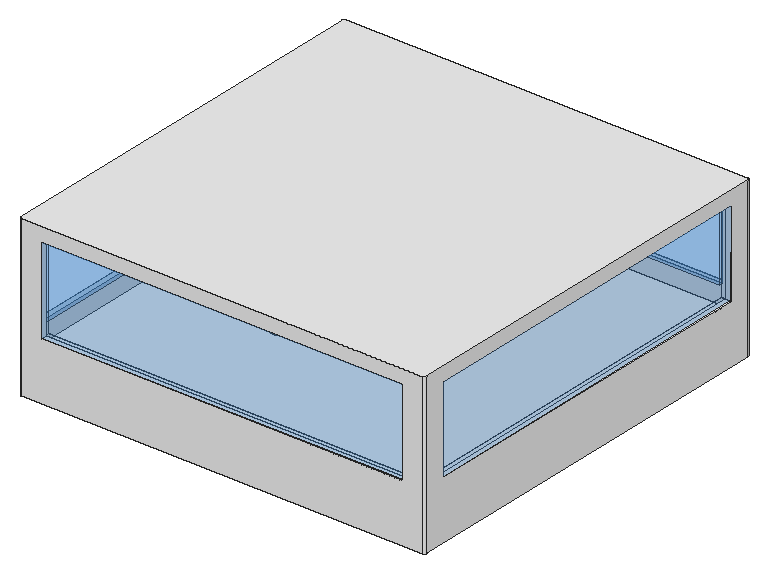
Revit family "24085_BEGA_Revit", category Generic Models, host Face, Revit 2018
Family settings
  Host = Face
  Can host rebar = No
  Round Connector Dimension = Use Diameter
  Part Type = Normal
  Cut with Voids When Loaded = No
  Shared = No
  Room Calculation Point = No
Parameters (values of type "Wall Luminaire")
  URL = "https://www.bega-us.com/"
  Model = "24085K3"
  Manufacturer = "BEGA North America"
  Description = "Wall luminaire - Four 90° ports"
  Default Elevation = 0' - 0"
Reference planes (in)
  plane 1 "Center (Front/Back)": y = 0
  plane 2: z = 0
  plane 3 "Center (Left/Right)": x = 0
Lines and regions (in)
  reference lines
    curve 1: line (0, 48, 0) -> (0, -48, 0)
    curve 2: line (48, 0, 0) -> (-48, 0, 0)
Dimensions and locks (in)
  aligned and locked: plane 2 to host face
  aligned and locked: level to host face
Nested families (in)
  nested 1: "24085_base" at (0, 0, 0), type "BEGA_24085_white_K4"
    with Serial_number "Here you can enter the individual serial number for use in facility management.", Restrictions_to_operation_position "", Material_01 BEGA_finishes_graphite_matt, Distance_to_illuminated_objects "", Dimmable "DALI", Connected_wattage "23 W"
Definition of nested family "24085_base"
  Parameters (values of type "BEGA_24085_graphite_K3")
    Weight = "1.9 kg"
    Voltage = 239.996 V
    Update = "2020-01-03T04:00:18"
    URL = "http://www.bega.de/de/produkt/24085"
    Type Image = element 8430
    Type Comments = "© 2020 BEGA. Technical amendments reserved."
    Surface_temperature = ""
    Service_life_criteria = "L70B50 @ 25 °C = 200000 h"
    Serial_number [instance] = "Here you can enter the individual serial number for use in facility management."
    Safety_class = "I"
    Restrictions_to_operation_position [instance] = ""
    Protection_class = "IP 65"
    Product_data_sheet = "http://www.bega.de/download/Xrfa/db/24085.db.en.pdf"
    Order_number = "24085K3"
    Number_of_luminaires = ""
    Model = "24085K3"
    Material_17 = none
    Material_15 = none
    Material_11 = none
    Material_10 = none
    Material_09 = none
    Material_06 = none
    Material_03 = none
    Material_02 = none
    Material_01 [instance] = none
    Manufacturer = "BEGA"  # constant formula
    M_W = no
    M_G = yes
    M_A = no
    Luminaire_luminous_flux = "816 lm"
    Logo = 0
    Load_Classification = none
    Lamp_luminous_flux = "2920 lm"
    Lamp = "LED 20 W"
    LED_module_designation = "4x LED-0887/830"
    Half_beam_angle = ""
    Frequency = "0/50-60 Hz"
    Fixing_hole = "Ø 4,5 mm"
    Fixing_distance = "86 x 86 mm"
    Energy_efficiency_class = "LED A++ - A"
    built-in parameter 1150104 = 13.564 (stored number, unit not read)
    Wattage = 20 W
    ENEC = "yes"
    Distance_to_illuminated_objects [instance] = ""
    Dimmable [instance] = "DALI"
    Description_custom_made_product = "Here you can specify modifications of your custom-made product"
    Description = "Wall luminaire"
    Default Elevation = 0' - 0"
    built-in parameter 1150113 = 1 (stored number, unit not read)
    Custom_made_product = no
    Current = ""
    Connecting_cable = ""
    Connected_wattage [instance] = "23 W"
    Colour_temperature = "3000 K"
    Colour_rendering_index = "CRI > 80"
    CE_conformity = "yes"
    Bega_IES = yes
    Ballproof = ""
    built-in parameter 1114218 = 1 (stored number, unit not read)
    built-in parameter 1150134 = (empty or 0)
    built-in parameter 1150109 = 1 (stored number, unit not read)
    built-in parameter 1150110 = 1 (stored number, unit not read)
    Tilt Angle = 0.00°
    built-in parameter 1114217 = 1 (stored number, unit not read)
    built-in parameter 1150139 = (empty or 0)
    built-in parameter 1150105 = 232.37 (stored number, unit not read)
    built-in parameter 1150114 = 1 (stored number, unit not read)
    Lumens = 2920 lm
    built-in parameter 1150115 = 1 (stored number, unit not read)
    built-in parameter 1150112 = 1 (stored number, unit not read)
    built-in parameter 1150142 = (empty or 0)
    Dimming Lamp Color Temperature Shift = (empty or 0)
    Color Filter = 16777215
    BEGA_internal_structure = yes
    BEGA_internal_on = yes
    BEGA_internal_off = yes
    BEGA_internal = yes
    BEGA_dummy = no
    built-in parameter 1150133 = 10 (stored number, unit not read)
    built-in parameter 1150137 = (empty or 0)
    built-in parameter 1150132 = (empty or 0)
    Photometric Web File = "BE_24085K3.IES"
    built-in parameter 1150106 = 2.3237 (stored number, unit not read)
    built-in parameter 1150107 = 3000 (stored number, unit not read)
    built-in parameter 1150102 = (empty or 0)
    built-in parameter 1150138 = (empty or 0)
    Apparent Load = 0 VA
    Ambient_temperature = "25 °C"
    AC/DC = "AC/DC"
  Types (6): name | Order_number | Model | M_W | M_G | M_A | Luminaire_luminous_flux | Lamp_luminous_flux | LED_module_designation | built-in parameter 1150104 | Colour_temperature | built-in parameter 1150134 | built-in parameter 1150105 | Lumens | Photometric Web File | built-in parameter 1150106 | built-in parameter 1150107
    BEGA_24085_white_K4 | "24085WK4" | "24085WK4" | yes | no | no | "866 lm" | "3100 lm" | "4x LED-0887/840" | 14.4 (stored number, unit not read) | "4000 K" | 12 | 246.69 (stored number, unit not read) | 3100 lm | "BE_24085K4.IES" | 2.4669 (stored number, unit not read) | 4000 (stored number, unit not read)
    BEGA_24085_white_K3 | "24085WK3" | "24085WK3" | yes | no | no | "816 lm" | "2920 lm" | "4x LED-0887/830" | 13.564 (stored number, unit not read) | "3000 K" | (empty or 0) | 232.37 (stored number, unit not read) | 2920 lm | "BE_24085K3.IES" | 2.3237 (stored number, unit not read) | 3000 (stored number, unit not read)
    BEGA_24085_graphite_K3 | "24085K3" | "24085K3" | no | yes | no | "816 lm" | "2920 lm" | "4x LED-0887/830" | 13.564 (stored number, unit not read) | "3000 K" | (empty or 0) | 232.37 (stored number, unit not read) | 2920 lm | "BE_24085K3.IES" | 2.3237 (stored number, unit not read) | 3000 (stored number, unit not read)
    BEGA_24085_silver_K4 | "24085AK4" | "24085AK4" | no | no | yes | "866 lm" | "3100 lm" | "4x LED-0887/840" | 14.4 (stored number, unit not read) | "4000 K" | 12 | 246.69 (stored number, unit not read) | 3100 lm | "BE_24085K4.IES" | 2.4669 (stored number, unit not read) | 4000 (stored number, unit not read)
    BEGA_24085_graphite_K4 | "24085K4" | "24085K4" | no | yes | no | "866 lm" | "3100 lm" | "4x LED-0887/840" | 14.4 (stored number, unit not read) | "4000 K" | 12 | 246.69 (stored number, unit not read) | 3100 lm | "BE_24085K4.IES" | 2.4669 (stored number, unit not read) | 4000 (stored number, unit not read)
    BEGA_24085_silver_K3 | "24085AK3" | "24085AK3" | no | no | yes | "816 lm" | "2920 lm" | "4x LED-0887/830" | 13.564 (stored number, unit not read) | "3000 K" | (empty or 0) | 232.37 (stored number, unit not read) | 2920 lm | "BE_24085K3.IES" | 2.3237 (stored number, unit not read) | 3000 (stored number, unit not read)
  Reference planes (in)
    plane 1 "Center (Front/Back)": y = 0
    plane 2: z = 0
    plane 3 "Center (Left/Right)": x = 0
    plane 4 "left": x = -3.48425
    plane 5 "right": x = 3.48425
    plane 6 "down": y = -3.48425
    plane 7 "up": y = 3.48425
    plane 8 "Back": z = 0
    plane 9 "Front": z = 2.72422
  Forms (in)
    Extrusion 1, solid
      sketch origin (0, 0, 0) x (1, 0, 0) y (0, 1, 0)
        loop
          line (-7.87402, 7.87402) -> (-7.87402, -7.87402) -> (7.87402, -7.87402) -> (7.87402, 7.87402) -> (-7.87402, 7.87402)
      from 0 to -0.3937
    Extrusion 2, solid, visible <- "BEGA_dummy"
      sketch origin (3.15336, -2.99303, 0) x (1, 0, 0) y (0, 1, 0)
        loop
          line (-6.63761, 6.47728) -> (-6.63761, -0.49122) -> (0.33089, -0.49122) -> (0.33089, 6.47728) -> (-6.63761, 6.47728)
      from 0 to 2.72422
  Dimensions and locks (in)
    aligned and locked: plane 2 to Extrusion 1
    aligned and locked: level to Extrusion 1
  Nested families (in)
    nested 1: "BE_24085" at (0, 0, 0), type "BE_24085"
      with M_W no, M_A no
  Connectors (in)
    electrical at (0, 0, 0), driven by "Apparent Load", driven by "Load_Classification", driven by "Voltage"
      settings: on Extrusion 1, index 1, voltage 239.996 V, apparent load 0 VA, apparent load phase1 0 VA, apparent load phase2 0 VA, apparent load phase3 0 VA, power factor 1, load classification none, number of poles 1, system type 31, power factor state 1, is connector primary yes, connector utility no, sub classification motor no, connector description ""
  Definition of nested family "BE_24085"
    Parameters (values of type "BE_24085")
      Default Elevation = 0' - 0.03937"
      URL = "http://www.bega.de/de/produkt"
      Type Comments = "© 2015 BEGA. Wir behalten uns das Recht vor, technische Änderungen ohne vorherige Ankündigung vorzunehmen. "  # constant formula
      Type Image = (empty or 0)
      Neigungswinkel_um_Z2 = 0.00°
      Neigungswinkel_um_Z1 = 0.00°
      Neigungswinkel_um_Y2 = 0.00°
      Neigungswinkel_um_Y1 = 0.00°
      Neigungswinkel_um_X2 = 0.00°
      Neigungswinkel_um_X1 = 0.00°
      Material_17 = none
      Material_15 = none
      Material_11 = none
      Material_10 = none
      Material_09 = none
      Material_06 = none
      Material_03 = none
      Material_02 = none
      Material_01 = none
      M_W = yes
      M_G = yes
      M_A = yes
      Länge_Platte = 0' - 7.87402"  # constant formula
      Höhe_Platte = -0' - 0.3937"  # constant formula
      Manufacturer = "BEGA"  # constant formula
      Drehwinkel_um_Z2 = 0.00°
      Drehwinkel_um_Z1 = 0.00°
      Breite_Platte = 0' - 7.87402"  # constant formula
    Reference planes (in)
      plane 1 "Mitte (Oben/Unten)": y = 0
      plane 2: z = 0
      plane 3 "Mitte (Links/Rechts)": x = 0
      plane 4 "Vorne": z = 2.72422
      plane 5 "Hinten": z = 0
      plane 6 "Links": x = -3.48425
      plane 7 "Rechts": x = 3.48425
      plane 8 "Oben": y = 3.48425
      plane 9 "Unten": y = -3.48425
    Forms (in)
      Extrusion 1, solid, detail levels medium
        sketch origin (0, 0, 0) x (1, 0, 0) y (0, 1, 0)
          loop
            line (-3.93701, 3.93701) -> (-3.93701, -3.93701) -> (3.93701, -3.93701) -> (3.93701, 3.93701) -> (-3.93701, 3.93701)
        from 0 to -0.3937 <- "Höhe_Platte"
      Extrusion 2, solid, material <- "Material_01", visible <- "M_G"
        sketch origin (0, 0, 0) x (1, 0, 0) y (0, 1, 0)
          loop
            arc (-3.44488, 3.48425) -> (-3.47272, 3.47272) -> (-3.48425, 3.44488) r 0.03937
            line (-3.48425, 3.44488) -> (-3.48425, -3.44488)
            arc (-3.48425, -3.44488) -> (-3.47272, -3.47272) -> (-3.44488, -3.48425) r 0.03937
            line (-3.44488, -3.48425) -> (3.44488, -3.48425)
            arc (3.44488, -3.48425) -> (3.47272, -3.47272) -> (3.48425, -3.44488) r 0.03937
            line (3.48425, -3.44488) -> (3.48425, 3.44488)
            arc (3.48425, 3.44488) -> (3.47272, 3.47272) -> (3.44488, 3.48425) r 0.03937
            line (3.44488, 3.48425) -> (-3.44488, 3.48425)
          loop
            line (-3.39012, 3.39012) -> (-3.39012, -3.39012) -> (3.39012, -3.39012) -> (3.39012, 3.39012) -> (-3.39012, 3.39012)
        from 0 to 2.72422
      Extrusion 3, void
        sketch origin (0, 0, 0) x (0, 1, 0) y (0, 0, 1)
          loop
            line (-3.31879, 2.4901) -> (-3.50377, 2.4901) -> (-3.50377, 1.00172) -> (-3.31632, 1.00172) -> (-3.31879, 2.4901)
        from -3.09853 to 3.09853
      Extrusion 4, solid, material <- "Material_01", visible <- "M_G"
        sketch origin (0, 0, 0) x (1, 0, 0) y (0, 1, 0)
          loop
            line (-3.44488, -3.48425) -> (3.44488, -3.48425)
            arc (3.44488, -3.48425) -> (3.47272, -3.47272) -> (3.48425, -3.44488) r 0.03937
            line (3.48425, -3.44488) -> (3.48425, 3.44488)
            arc (3.48425, 3.44488) -> (3.47272, 3.47272) -> (3.44488, 3.48425) r 0.03937
            line (3.44488, 3.48425) -> (-3.44488, 3.48425)
            arc (-3.44488, 3.48425) -> (-3.47272, 3.47272) -> (-3.48425, 3.44488) r 0.03937
            line (-3.48425, 3.44488) -> (-3.48425, -3.44488)
            arc (-3.48425, -3.44488) -> (-3.47272, -3.47272) -> (-3.44488, -3.48425) r 0.03937
        from 2.61163 to 2.72422
      Extrusion 5, void
        sketch origin (0, 0, 0) x (1, 0, 0) y (0, 0, -1)
          loop
            line (-3.31879, -2.4901) -> (-3.31632, -1.00172) -> (-3.50377, -1.00172) -> (-3.50377, -2.4901) -> (-3.31879, -2.4901)
        from -3.09853 to 3.09853
      Extrusion 6, void
        sketch origin (0, 0, 0) x (0, -1, 0) y (0, 0, -1)
          loop
            line (-3.31879, -2.4901) -> (-3.31632, -1.00172) -> (-3.50377, -1.00172) -> (-3.50377, -2.4901) -> (-3.31879, -2.4901)
        from -3.09853 to 3.09853
      Extrusion 7, void
        sketch origin (0, 0, 0) x (-1, 0, 0) y (0, 0, 1)
          loop
            line (-3.31879, 2.4901) -> (-3.50377, 2.4901) -> (-3.50377, 1.00172) -> (-3.31632, 1.00172) -> (-3.31879, 2.4901)
        from -3.09853 to 3.09853
      Extrusion 8, solid, material <- "Material_10"
        sketch origin (0, 0, 0) x (-1, 0, 0) y (0, 0, 1)
          loop
            line (-3.32259, 2.49036) -> (-3.48046, 2.4901) -> (-3.478, 1.00173) -> (-3.32012, 1.002) -> (-3.32259, 2.49036)
        from -3.09853 to 3.09853
      Extrusion 9, solid, material <- "Material_10"
        sketch origin (0, 0, 0) x (0, -1, 0) y (0, 0, -1)
          loop
            line (-3.32259, -2.49036) -> (-3.32012, -1.002) -> (-3.478, -1.00173) -> (-3.48046, -2.4901) -> (-3.32259, -2.49036)
        from -3.09853 to 3.09853
      Extrusion 10, solid, material <- "Material_10"
        sketch origin (0, 0, 0) x (1, 0, 0) y (0, 0, -1)
          loop
            line (-3.32259, -2.49036) -> (-3.32012, -1.002) -> (-3.478, -1.00173) -> (-3.48046, -2.4901) -> (-3.32259, -2.49036)
        from -3.09853 to 3.09853
      Extrusion 11, solid, material <- "Material_10"
        sketch origin (0, 0, 0) x (0, 1, 0) y (0, 0, 1)
          loop
            line (-3.32259, 2.49036) -> (-3.48046, 2.4901) -> (-3.478, 1.00173) -> (-3.32012, 1.002) -> (-3.32259, 2.49036)
        from -3.09853 to 3.09853
      Revolve 12, solid, material <- "Material_01", visible <- "M_G"
        sketch origin (0, 0, 0) x (0, 1, 0) y (0, 0, 1)
          loop
            line (-1.89011, 0.46912) -> (0, 0.47225) -> (0, 0.57855) -> (-2.18556, 0.57493) -> (-2.17809, 0.40872) -> (-2.00863, 0.11631) -> (-2.00413, 0) -> (-1.90571, 0) -> (-1.89011, 0.46912)
          axis (0, 0) -> (0, 0.57855)
        angle from 0 to 360
      Extrusion 13, solid, material <- "Material_01", visible <- "M_G"
        sketch origin (0, 0, 0) x (1, 0, 0) y (0, 1, 0)
          loop
            line (3.39012, 3.39012) -> (-3.39012, 3.39012) -> (-3.39012, -3.39012) -> (3.39012, -3.39012) -> (3.39012, 3.39012)
        from 0.46912 to 0.67831
      Extrusion 14, void
        sketch origin (0, 0, 0) x (1, 0, 0) y (0, 1, 0)
          loop
            circle (-1.10236, 0.59055) r 0.41339
          loop
            circle (-1.10236, -0.59055) r 0.41339
        from 0 to 1.00172
      Extrusion 15, solid, material <- "Material_02", visible <- "M_A"
        sketch origin (0, 0, 0) x (1, 0, 0) y (0, 1, 0)
          loop
            arc (-3.44488, 3.48425) -> (-3.47272, 3.47272) -> (-3.48425, 3.44488) r 0.03937
            line (-3.48425, 3.44488) -> (-3.48425, -3.44488)
            arc (-3.48425, -3.44488) -> (-3.47272, -3.47272) -> (-3.44488, -3.48425) r 0.03937
            line (-3.44488, -3.48425) -> (3.44488, -3.48425)
            arc (3.44488, -3.48425) -> (3.47272, -3.47272) -> (3.48425, -3.44488) r 0.03937
            line (3.48425, -3.44488) -> (3.48425, 3.44488)
            arc (3.48425, 3.44488) -> (3.47272, 3.47272) -> (3.44488, 3.48425) r 0.03937
            line (3.44488, 3.48425) -> (-3.44488, 3.48425)
          loop
            line (-3.39012, 3.39012) -> (-3.39012, -3.39012) -> (3.39012, -3.39012) -> (3.39012, 3.39012) -> (-3.39012, 3.39012)
        from 0 to 2.72422
      Extrusion 16, solid, material <- "Material_02", visible <- "M_A"
        sketch origin (0, 0, 0) x (1, 0, 0) y (0, 1, 0)
          loop
            line (-3.44488, -3.48425) -> (3.44488, -3.48425)
            arc (3.44488, -3.48425) -> (3.47272, -3.47272) -> (3.48425, -3.44488) r 0.03937
            line (3.48425, -3.44488) -> (3.48425, 3.44488)
            arc (3.48425, 3.44488) -> (3.47272, 3.47272) -> (3.44488, 3.48425) r 0.03937
            line (3.44488, 3.48425) -> (-3.44488, 3.48425)
            arc (-3.44488, 3.48425) -> (-3.47272, 3.47272) -> (-3.48425, 3.44488) r 0.03937
            line (-3.48425, 3.44488) -> (-3.48425, -3.44488)
            arc (-3.48425, -3.44488) -> (-3.47272, -3.47272) -> (-3.44488, -3.48425) r 0.03937
        from 2.61163 to 2.72422
      Extrusion 17, solid, material <- "Material_03", visible <- "M_W"
        sketch origin (0, 0, 0) x (1, 0, 0) y (0, 1, 0)
          loop
            arc (-3.44488, 3.48425) -> (-3.47272, 3.47272) -> (-3.48425, 3.44488) r 0.03937
            line (-3.48425, 3.44488) -> (-3.48425, -3.44488)
            arc (-3.48425, -3.44488) -> (-3.47272, -3.47272) -> (-3.44488, -3.48425) r 0.03937
            line (-3.44488, -3.48425) -> (3.44488, -3.48425)
            arc (3.44488, -3.48425) -> (3.47272, -3.47272) -> (3.48425, -3.44488) r 0.03937
            line (3.48425, -3.44488) -> (3.48425, 3.44488)
            arc (3.48425, 3.44488) -> (3.47272, 3.47272) -> (3.44488, 3.48425) r 0.03937
            line (3.44488, 3.48425) -> (-3.44488, 3.48425)
          loop
            line (-3.39012, 3.39012) -> (-3.39012, -3.39012) -> (3.39012, -3.39012) -> (3.39012, 3.39012) -> (-3.39012, 3.39012)
        from 0 to 2.72422
      Extrusion 18, solid, material <- "Material_03", visible <- "M_W"
        sketch origin (0, 0, 0) x (1, 0, 0) y (0, 1, 0)
          loop
            line (-3.44488, -3.48425) -> (3.44488, -3.48425)
            arc (3.44488, -3.48425) -> (3.47272, -3.47272) -> (3.48425, -3.44488) r 0.03937
            line (3.48425, -3.44488) -> (3.48425, 3.44488)
            arc (3.48425, 3.44488) -> (3.47272, 3.47272) -> (3.44488, 3.48425) r 0.03937
            line (3.44488, 3.48425) -> (-3.44488, 3.48425)
            arc (-3.44488, 3.48425) -> (-3.47272, 3.47272) -> (-3.48425, 3.44488) r 0.03937
            line (-3.48425, 3.44488) -> (-3.48425, -3.44488)
            arc (-3.48425, -3.44488) -> (-3.47272, -3.47272) -> (-3.44488, -3.48425) r 0.03937
        from 2.61163 to 2.72422
      Revolve 19, solid, material <- "Material_02", visible <- "M_A"
        sketch origin (0, 0, 0) x (0, 1, 0) y (0, 0, 1)
          loop
            line (-1.89011, 0.46912) -> (0, 0.47225) -> (0, 0.57855) -> (-2.18556, 0.57493) -> (-2.17809, 0.40872) -> (-2.00863, 0.11631) -> (-2.00413, 0) -> (-1.90571, 0) -> (-1.89011, 0.46912)
          axis (0, 0) -> (0, 0.57855)
        angle from 0 to 360
      Extrusion 20, solid, material <- "Material_02", visible <- "M_A"
        sketch origin (0, 0, 0) x (1, 0, 0) y (0, 1, 0)
          loop
            line (3.39012, 3.39012) -> (-3.39012, 3.39012) -> (-3.39012, -3.39012) -> (3.39012, -3.39012) -> (3.39012, 3.39012)
        from 0.46912 to 0.67831
      Revolve 21, solid, material <- "Material_03", visible <- "M_W"
        sketch origin (0, 0, 0) x (0, 1, 0) y (0, 0, 1)
          loop
            line (-1.89011, 0.46912) -> (0, 0.47225) -> (0, 0.57855) -> (-2.18556, 0.57493) -> (-2.17809, 0.40872) -> (-2.00863, 0.11631) -> (-2.00413, 0) -> (-1.90571, 0) -> (-1.89011, 0.46912)
          axis (0, 0) -> (0, 0.57855)
        angle from 0 to 360
      Extrusion 22, solid, material <- "Material_03", visible <- "M_W"
        sketch origin (0, 0, 0) x (1, 0, 0) y (0, 1, 0)
          loop
            line (3.39012, 3.39012) -> (-3.39012, 3.39012) -> (-3.39012, -3.39012) -> (3.39012, -3.39012) -> (3.39012, 3.39012)
        from 0.46912 to 0.67831
      Extrusion 23, solid, material <- "Material_01", visible <- "M_G"
        sketch origin (0, 0, 0) x (1, 0, 0) y (0, 1, 0)
          loop
            line (-2.00197, 1.66294) -> (-1.63313, 1.13618)
            arc (-1.63313, 1.13618) -> (-1.40249, 1.40386) -> (-1.12998, 1.6288) r 2.08658
            line (-1.12998, 1.6288) -> (-1.66294, 2.00197)
            arc (-1.66294, 2.00197) -> (-1.84028, 1.84028) -> (-2.00197, 1.66294) r 2.60254
          loop
            arc (-1.82478, 1.69442) -> (-1.81982, 1.56936) -> (-1.69475, 1.57409) r 0.08858
            arc (-1.69475, 1.57409) -> (-1.63553, 1.63553) -> (-1.57409, 1.69475) r 2.31299
            arc (-1.57409, 1.69475) -> (-1.56936, 1.81982) -> (-1.69443, 1.82477) r 0.08858
            arc (-1.69443, 1.82477) -> (-1.76081, 1.7608) -> (-1.82478, 1.69442) r 2.49016
          loop
            arc (2.00197, 1.66294) -> (1.84028, 1.84028) -> (1.66294, 2.00197) r 2.60254
            line (1.66294, 2.00197) -> (1.12263, 1.62365)
            arc (1.12263, 1.62365) -> (1.39378, 1.39321) -> (1.62184, 1.12004) r 2.08658
            line (1.62184, 1.12004) -> (2.00197, 1.66294)
          loop
            arc (1.82478, 1.69442) -> (1.76081, 1.7608) -> (1.69443, 1.82477) r 2.49016
            arc (1.69443, 1.82477) -> (1.56936, 1.81982) -> (1.57409, 1.69475) r 0.08858
            arc (1.57409, 1.69475) -> (1.63553, 1.63553) -> (1.69475, 1.57409) r 2.31299
            arc (1.69475, 1.57409) -> (1.81982, 1.56936) -> (1.82478, 1.69442) r 0.08858
          loop
            arc (-2.00197, -1.66294) -> (-1.84028, -1.84028) -> (-1.66294, -2.00197) r 2.60254
            line (-1.66294, -2.00197) -> (-1.11116, -1.61562)
            arc (-1.11116, -1.61562) -> (-1.38654, -1.3876) -> (-1.61895, -1.11592) r 2.08658
            line (-1.61895, -1.11592) -> (-2.00197, -1.66294)
          loop
            arc (-1.82478, -1.69442) -> (-1.76081, -1.7608) -> (-1.69443, -1.82477) r 2.49016
            arc (-1.69443, -1.82477) -> (-1.56936, -1.81982) -> (-1.57409, -1.69475) r 0.08858
            arc (-1.57409, -1.69475) -> (-1.63553, -1.63553) -> (-1.69475, -1.57409) r 2.31299
            arc (-1.69475, -1.57409) -> (-1.81982, -1.56936) -> (-1.82478, -1.69442) r 0.08858
          loop
            line (2.00197, -1.66294) -> (1.6226, -1.12113)
            arc (1.6226, -1.12113) -> (1.39262, -1.39292) -> (1.11979, -1.62166) r 2.08658
            line (1.11979, -1.62166) -> (1.66294, -2.00197)
            arc (1.66294, -2.00197) -> (1.84028, -1.84028) -> (2.00197, -1.66294) r 2.60254
          loop
            arc (1.82478, -1.69442) -> (1.81982, -1.56936) -> (1.69475, -1.57409) r 0.08858
            arc (1.69475, -1.57409) -> (1.63553, -1.63553) -> (1.57409, -1.69475) r 2.31299
            arc (1.57409, -1.69475) -> (1.56936, -1.81982) -> (1.69443, -1.82477) r 0.08858
            arc (1.69443, -1.82477) -> (1.76081, -1.7608) -> (1.82478, -1.69442) r 2.49016
        from 0 to 0.11631
      Extrusion 24, solid, material <- "Material_03", visible <- "M_W"
        sketch origin (0, 0, 0) x (1, 0, 0) y (0, 1, 0)
          loop
            line (-2.00197, 1.66294) -> (-1.63313, 1.13618)
            arc (-1.63313, 1.13618) -> (-1.40249, 1.40386) -> (-1.12998, 1.6288) r 2.08658
            line (-1.12998, 1.6288) -> (-1.66294, 2.00197)
            arc (-1.66294, 2.00197) -> (-1.84028, 1.84028) -> (-2.00197, 1.66294) r 2.60254
          loop
            arc (-1.82478, 1.69442) -> (-1.81982, 1.56936) -> (-1.69475, 1.57409) r 0.08858
            arc (-1.69475, 1.57409) -> (-1.63553, 1.63553) -> (-1.57409, 1.69475) r 2.31299
            arc (-1.57409, 1.69475) -> (-1.56936, 1.81982) -> (-1.69443, 1.82477) r 0.08858
            arc (-1.69443, 1.82477) -> (-1.76081, 1.7608) -> (-1.82478, 1.69442) r 2.49016
          loop
            arc (2.00197, 1.66294) -> (1.84028, 1.84028) -> (1.66294, 2.00197) r 2.60254
            line (1.66294, 2.00197) -> (1.12263, 1.62365)
            arc (1.12263, 1.62365) -> (1.39378, 1.39321) -> (1.62184, 1.12004) r 2.08658
            line (1.62184, 1.12004) -> (2.00197, 1.66294)
          loop
            arc (1.82478, 1.69442) -> (1.76081, 1.7608) -> (1.69443, 1.82477) r 2.49016
            arc (1.69443, 1.82477) -> (1.56936, 1.81982) -> (1.57409, 1.69475) r 0.08858
            arc (1.57409, 1.69475) -> (1.63553, 1.63553) -> (1.69475, 1.57409) r 2.31299
            arc (1.69475, 1.57409) -> (1.81982, 1.56936) -> (1.82478, 1.69442) r 0.08858
          loop
            arc (-2.00197, -1.66294) -> (-1.84028, -1.84028) -> (-1.66294, -2.00197) r 2.60254
            line (-1.66294, -2.00197) -> (-1.11116, -1.61562)
            arc (-1.11116, -1.61562) -> (-1.38654, -1.3876) -> (-1.61895, -1.11592) r 2.08658
            line (-1.61895, -1.11592) -> (-2.00197, -1.66294)
          loop
            arc (-1.82478, -1.69442) -> (-1.76081, -1.7608) -> (-1.69443, -1.82477) r 2.49016
            arc (-1.69443, -1.82477) -> (-1.56936, -1.81982) -> (-1.57409, -1.69475) r 0.08858
            arc (-1.57409, -1.69475) -> (-1.63553, -1.63553) -> (-1.69475, -1.57409) r 2.31299
            arc (-1.69475, -1.57409) -> (-1.81982, -1.56936) -> (-1.82478, -1.69442) r 0.08858
          loop
            line (2.00197, -1.66294) -> (1.6226, -1.12113)
            arc (1.6226, -1.12113) -> (1.39262, -1.39292) -> (1.11979, -1.62166) r 2.08658
            line (1.11979, -1.62166) -> (1.66294, -2.00197)
            arc (1.66294, -2.00197) -> (1.84028, -1.84028) -> (2.00197, -1.66294) r 2.60254
          loop
            arc (1.82478, -1.69442) -> (1.81982, -1.56936) -> (1.69475, -1.57409) r 0.08858
            arc (1.69475, -1.57409) -> (1.63553, -1.63553) -> (1.57409, -1.69475) r 2.31299
            arc (1.57409, -1.69475) -> (1.56936, -1.81982) -> (1.69443, -1.82477) r 0.08858
            arc (1.69443, -1.82477) -> (1.76081, -1.7608) -> (1.82478, -1.69442) r 2.49016
        from 0 to 0.11631
      Extrusion 25, solid, material <- "Material_02", visible <- "M_A"
        sketch origin (0, 0, 0) x (1, 0, 0) y (0, 1, 0)
          loop
            line (-2.00197, 1.66294) -> (-1.63313, 1.13618)
            arc (-1.63313, 1.13618) -> (-1.40249, 1.40386) -> (-1.12998, 1.6288) r 2.08658
            line (-1.12998, 1.6288) -> (-1.66294, 2.00197)
            arc (-1.66294, 2.00197) -> (-1.84028, 1.84028) -> (-2.00197, 1.66294) r 2.60254
          loop
            arc (-1.82478, 1.69442) -> (-1.81982, 1.56936) -> (-1.69475, 1.57409) r 0.08858
            arc (-1.69475, 1.57409) -> (-1.63553, 1.63553) -> (-1.57409, 1.69475) r 2.31299
            arc (-1.57409, 1.69475) -> (-1.56936, 1.81982) -> (-1.69443, 1.82477) r 0.08858
            arc (-1.69443, 1.82477) -> (-1.76081, 1.7608) -> (-1.82478, 1.69442) r 2.49016
          loop
            arc (2.00197, 1.66294) -> (1.84028, 1.84028) -> (1.66294, 2.00197) r 2.60254
            line (1.66294, 2.00197) -> (1.12263, 1.62365)
            arc (1.12263, 1.62365) -> (1.39378, 1.39321) -> (1.62184, 1.12004) r 2.08658
            line (1.62184, 1.12004) -> (2.00197, 1.66294)
          loop
            arc (1.82478, 1.69442) -> (1.76081, 1.7608) -> (1.69443, 1.82477) r 2.49016
            arc (1.69443, 1.82477) -> (1.56936, 1.81982) -> (1.57409, 1.69475) r 0.08858
            arc (1.57409, 1.69475) -> (1.63553, 1.63553) -> (1.69475, 1.57409) r 2.31299
            arc (1.69475, 1.57409) -> (1.81982, 1.56936) -> (1.82478, 1.69442) r 0.08858
          loop
            arc (-2.00197, -1.66294) -> (-1.84028, -1.84028) -> (-1.66294, -2.00197) r 2.60254
            line (-1.66294, -2.00197) -> (-1.11116, -1.61562)
            arc (-1.11116, -1.61562) -> (-1.38654, -1.3876) -> (-1.61895, -1.11592) r 2.08658
            line (-1.61895, -1.11592) -> (-2.00197, -1.66294)
          loop
            arc (-1.82478, -1.69442) -> (-1.76081, -1.7608) -> (-1.69443, -1.82477) r 2.49016
            arc (-1.69443, -1.82477) -> (-1.56936, -1.81982) -> (-1.57409, -1.69475) r 0.08858
            arc (-1.57409, -1.69475) -> (-1.63553, -1.63553) -> (-1.69475, -1.57409) r 2.31299
            arc (-1.69475, -1.57409) -> (-1.81982, -1.56936) -> (-1.82478, -1.69442) r 0.08858
          loop
            line (2.00197, -1.66294) -> (1.6226, -1.12113)
            arc (1.6226, -1.12113) -> (1.39262, -1.39292) -> (1.11979, -1.62166) r 2.08658
            line (1.11979, -1.62166) -> (1.66294, -2.00197)
            arc (1.66294, -2.00197) -> (1.84028, -1.84028) -> (2.00197, -1.66294) r 2.60254
          loop
            arc (1.82478, -1.69442) -> (1.81982, -1.56936) -> (1.69475, -1.57409) r 0.08858
            arc (1.69475, -1.57409) -> (1.63553, -1.63553) -> (1.57409, -1.69475) r 2.31299
            arc (1.57409, -1.69475) -> (1.56936, -1.81982) -> (1.69443, -1.82477) r 0.08858
            arc (1.69443, -1.82477) -> (1.76081, -1.7608) -> (1.82478, -1.69442) r 2.49016
        from 0 to 0.11631
    Cuts and joins
      Extrusion 3, Extrusion 5, Extrusion 6, Extrusion 7, Extrusion 14 cuts Extrusion 2
      Extrusion 5, Extrusion 6, Extrusion 7, Extrusion 14 cuts Extrusion 4
      joined: Extrusion 2, Extrusion 4
      Extrusion 14 cuts Revolve 12
      Extrusion 14 cuts Extrusion 13
      joined: Revolve 12, Extrusion 13, Extrusion 23
      Extrusion 3, Extrusion 5, Extrusion 6, Extrusion 7 cuts Extrusion 15
      joined: Extrusion 15, Extrusion 16
      Extrusion 3, Extrusion 5, Extrusion 6, Extrusion 7 cuts Extrusion 17
      Extrusion 5 cuts Extrusion 18
      joined: Extrusion 17, Extrusion 18
      Extrusion 14 cuts Revolve 19
      Extrusion 14 cuts Extrusion 20
      joined: Revolve 19, Extrusion 20, Extrusion 25
      Extrusion 14 cuts Revolve 21
      Extrusion 14 cuts Extrusion 22
      joined: Revolve 21, Extrusion 22, Extrusion 24
    Dimensions and locks (in)
      equal spacing: Extrusion 1 sketch curve, plane 3 "Mitte (Links/Rechts)", Extrusion 1 sketch curve
      equal spacing: Extrusion 1 sketch curve, plane 1 "Mitte (Oben/Unten)", Extrusion 1 sketch curve
      "Länge_Platte": Extrusion 1 sketch curve to Extrusion 1 sketch curve
      "Breite_Platte": Extrusion 1 sketch curve to Extrusion 1 sketch curve
      aligned and locked: Extrusion 1 to plane 2
      aligned and locked: level to Extrusion 1
    Automatic sketch dimensions
      Extrusion 2 sketch curve to plane 3 "Mitte (Links/Rechts)" = 0' - 3.48425"
      Extrusion 2 sketch curve to Extrusion 2 sketch curve = 0' - 0.03937"  (x3)
      Extrusion 2 sketch curve to Extrusion 2 sketch curve = 0' - 0.05476"  (x5)
      plane 3 "Mitte (Links/Rechts)" to Extrusion 2 sketch curve = 0' - 3.39012"
      plane 1 "Mitte (Oben/Unten)" to Extrusion 2 sketch curve = 0' - 3.48425"
      Extrusion 2 sketch curve to plane 1 "Mitte (Oben/Unten)" = 0' - 3.39012"
      level to Extrusion 3 sketch curve = 0' - 1.00172"
      plane 1 "Mitte (Oben/Unten)" to Extrusion 3 sketch curve = 0' - 3.50377"
      Extrusion 3 sketch curve to Extrusion 3 sketch curve = 0' - 0.18498"
      Extrusion 3 sketch curve to Extrusion 3 sketch curve = 0' - 0.18745"
      Extrusion 3 sketch curve to Extrusion 3 sketch curve = 0' - 1.48837"
      Extrusion 4 sketch curve to plane 3 "Mitte (Links/Rechts)" = 0' - 3.48425"
      Extrusion 4 sketch curve to Extrusion 4 sketch curve = 0' - 0.03937"  (x3)
      plane 3 "Mitte (Links/Rechts)" to Extrusion 4 sketch curve = 0' - 3.44488"  (x2)
      plane 1 "Mitte (Oben/Unten)" to Extrusion 4 sketch curve = 0' - 3.48425"
      Extrusion 4 sketch curve to plane 1 "Mitte (Oben/Unten)" = 0' - 3.44488"
      level to Extrusion 5 sketch curve = 0' - 1.00172"
      Extrusion 5 sketch curve to plane 3 "Mitte (Links/Rechts)" = 0' - 3.50377"
      Extrusion 5 sketch curve to Extrusion 5 sketch curve = 0' - 0.18498"
      Extrusion 5 sketch curve to Extrusion 5 sketch curve = 0' - 0.18745"
      Extrusion 5 sketch curve to Extrusion 5 sketch curve = 0' - 1.48837"
      Extrusion 6 sketch curve to level = 0' - 1.00172"
      plane 1 "Mitte (Oben/Unten)" to Extrusion 6 sketch curve = 0' - 3.50377"
      Extrusion 6 sketch curve to Extrusion 6 sketch curve = 0' - 0.18498"
      Extrusion 6 sketch curve to Extrusion 6 sketch curve = 0' - 0.18745"
      Extrusion 6 sketch curve to Extrusion 6 sketch curve = 0' - 1.48837"
      level to Extrusion 7 sketch curve = 0' - 1.00172"
      plane 3 "Mitte (Links/Rechts)" to Extrusion 7 sketch curve = 0' - 3.50377"
      Extrusion 7 sketch curve to Extrusion 7 sketch curve = 0' - 0.18498"
      Extrusion 7 sketch curve to Extrusion 7 sketch curve = 0' - 0.18745"
      Extrusion 7 sketch curve to Extrusion 7 sketch curve = 0' - 1.48837"
      plane 3 "Mitte (Links/Rechts)" to Extrusion 8 sketch curve = 0' - 3 123/256"
      level to Extrusion 8 sketch curve = 0' - 1.00173"
      Extrusion 8 sketch curve to Extrusion 8 sketch curve = 0' - 0.00246"
      Extrusion 8 sketch curve to Extrusion 8 sketch curve = 0' - 0.15787"
      Extrusion 8 sketch curve to Extrusion 8 sketch curve = 0' - 0.00026"
      plane 1 "Mitte (Oben/Unten)" to Extrusion 9 sketch curve = 0' - 3 123/256"
      Extrusion 9 sketch curve to level = 0' - 1.00173"
      Extrusion 9 sketch curve to Extrusion 9 sketch curve = 0' - 0.00246"
      Extrusion 9 sketch curve to Extrusion 9 sketch curve = 0' - 0.15787"
      Extrusion 9 sketch curve to Extrusion 9 sketch curve = 0' - 0.00026"
      Extrusion 10 sketch curve to plane 3 "Mitte (Links/Rechts)" = 0' - 3 123/256"
      level to Extrusion 10 sketch curve = 0' - 1.00173"
      Extrusion 10 sketch curve to Extrusion 10 sketch curve = 0' - 0.00246"
      Extrusion 10 sketch curve to Extrusion 10 sketch curve = 0' - 0.15787"
      Extrusion 10 sketch curve to Extrusion 10 sketch curve = 0' - 0.00026"
      plane 1 "Mitte (Oben/Unten)" to Extrusion 11 sketch curve = 0' - 3 123/256"
      level to Extrusion 11 sketch curve = 0' - 1.00173"
      Extrusion 11 sketch curve to Extrusion 11 sketch curve = 0' - 0.00246"
      Extrusion 11 sketch curve to Extrusion 11 sketch curve = 0' - 0.15787"
      Extrusion 11 sketch curve to Extrusion 11 sketch curve = 0' - 0.00026"
      level to Revolve 12 sketch curve = 0' - 0.40872"
      Revolve 12 sketch curve to Revolve 12 sketch curve = 0' - 0.00746"
      level to Revolve 12 sketch curve = 0' - 0.11631"
      Revolve 12 sketch curve to Revolve 12 sketch curve = 0' - 0.16947"
      level to Revolve 12 sketch curve = 0' - 0"
      Revolve 12 sketch curve to Revolve 12 sketch curve = 0' - 0.10292"
      Revolve 12 sketch curve to Revolve 12 sketch curve = 0' - 0.0156"
      level to Revolve 12 sketch curve = 0' - 0.46912"
      Revolve 12 sketch curve to Revolve 12 sketch curve = 0' - 0.0045"
      Revolve 12 sketch curve to plane 1 "Mitte (Oben/Unten)" = 0' - 0"
      Revolve 12 sketch curve to Revolve 12 sketch curve = 0' - 1.89011"
      level to Revolve 12 sketch curve = 0' - 0.47225"
      Revolve 12 sketch curve to Revolve 12 sketch curve = 0' - 0.16621"
      Revolve 12 sketch curve to Revolve 12 sketch curve = 0' - 0.1063"
      Extrusion 13 sketch curve to plane 3 "Mitte (Links/Rechts)" = 0' - 3.39012"
      Extrusion 13 sketch curve to plane 1 "Mitte (Oben/Unten)" = 0' - 3.39012"
      plane 3 "Mitte (Links/Rechts)" to Extrusion 13 sketch curve = 0' - 3.39012"
      plane 1 "Mitte (Oben/Unten)" to Extrusion 13 sketch curve = 0' - 3.39012"
      Extrusion 14 sketch curve to plane 3 "Mitte (Links/Rechts)" = 0' - 1.10236"  (x2)
      plane 1 "Mitte (Oben/Unten)" to Extrusion 14 sketch curve = 0' - 0.59055"
      Extrusion 14 sketch curve to plane 1 "Mitte (Oben/Unten)" = 0' - 0.59055"
      Extrusion 15 sketch curve to plane 3 "Mitte (Links/Rechts)" = 0' - 3.48425"
      Extrusion 15 sketch curve to Extrusion 15 sketch curve = 0' - 0.03937"  (x3)
      Extrusion 15 sketch curve to Extrusion 15 sketch curve = 0' - 0.05476"  (x5)
      plane 3 "Mitte (Links/Rechts)" to Extrusion 15 sketch curve = 0' - 3.39012"
      plane 1 "Mitte (Oben/Unten)" to Extrusion 15 sketch curve = 0' - 3.48425"
      Extrusion 15 sketch curve to plane 1 "Mitte (Oben/Unten)" = 0' - 3.39012"
      Extrusion 16 sketch curve to plane 3 "Mitte (Links/Rechts)" = 0' - 3.48425"
      Extrusion 16 sketch curve to Extrusion 16 sketch curve = 0' - 0.03937"  (x3)
      plane 3 "Mitte (Links/Rechts)" to Extrusion 16 sketch curve = 0' - 3.44488"  (x2)
      plane 1 "Mitte (Oben/Unten)" to Extrusion 16 sketch curve = 0' - 3.48425"
      Extrusion 16 sketch curve to plane 1 "Mitte (Oben/Unten)" = 0' - 3.44488"
      Extrusion 17 sketch curve to plane 3 "Mitte (Links/Rechts)" = 0' - 3.48425"
      Extrusion 17 sketch curve to Extrusion 17 sketch curve = 0' - 0.03937"  (x3)
      Extrusion 17 sketch curve to Extrusion 17 sketch curve = 0' - 0.05476"  (x5)
      plane 3 "Mitte (Links/Rechts)" to Extrusion 17 sketch curve = 0' - 3.39012"
      plane 1 "Mitte (Oben/Unten)" to Extrusion 17 sketch curve = 0' - 3.48425"
      Extrusion 17 sketch curve to plane 1 "Mitte (Oben/Unten)" = 0' - 3.39012"
      Extrusion 18 sketch curve to plane 3 "Mitte (Links/Rechts)" = 0' - 3.48425"
      Extrusion 18 sketch curve to Extrusion 18 sketch curve = 0' - 0.03937"  (x3)
      plane 3 "Mitte (Links/Rechts)" to Extrusion 18 sketch curve = 0' - 3.44488"  (x2)
      plane 1 "Mitte (Oben/Unten)" to Extrusion 18 sketch curve = 0' - 3.48425"
      Extrusion 18 sketch curve to plane 1 "Mitte (Oben/Unten)" = 0' - 3.44488"
      Revolve 19 sketch curve to level = 0' - 0"
      Revolve 19 sketch curve to plane 1 "Mitte (Oben/Unten)" = 0' - 0"  (x2)
      level to Revolve 19 sketch curve = 0' - 0.46912"
      plane 1 "Mitte (Oben/Unten)" to Revolve 19 sketch curve = 0' - 1.89011"
      Revolve 19 sketch curve to Revolve 19 sketch curve = 0' - 0.0156"
      Revolve 19 sketch curve to Revolve 19 sketch curve = 0' - 0.09842"
      level to Revolve 19 sketch curve = 0' - 0.11631"
      Revolve 19 sketch curve to Revolve 19 sketch curve = 0' - 0.0045"
      level to Revolve 19 sketch curve = 0' - 0.40872"
      Revolve 19 sketch curve to Revolve 19 sketch curve = 0' - 0.28799"
      level to Revolve 19 sketch curve = 0' - 0.57493"
      Revolve 19 sketch curve to Revolve 19 sketch curve = 0' - 0.00746"
      level to Revolve 19 sketch curve = 0' - 0.47225"
      Revolve 19 sketch curve to Revolve 19 sketch curve = 0' - 0.1063"
      Revolve 19 sketch curve to plane 5 "Hinten" = 0' - 5.71781"
      plane 4 "Vorne" to Revolve 19 sketch curve = 0' - 6.49856"
      Extrusion 20 sketch curve to plane 3 "Mitte (Links/Rechts)" = 0' - 3.39012"
      plane 3 "Mitte (Links/Rechts)" to Extrusion 20 sketch curve = 0' - 3.39012"
      plane 1 "Mitte (Oben/Unten)" to Extrusion 20 sketch curve = 0' - 3.39012"
      Extrusion 20 sketch curve to plane 1 "Mitte (Oben/Unten)" = 0' - 3.39012"
      Revolve 21 sketch curve to level = 0' - 0"
      Revolve 21 sketch curve to plane 1 "Mitte (Oben/Unten)" = 0' - 0"  (x2)
      level to Revolve 21 sketch curve = 0' - 0.46912"
      plane 1 "Mitte (Oben/Unten)" to Revolve 21 sketch curve = 0' - 1.89011"
      Revolve 21 sketch curve to Revolve 21 sketch curve = 0' - 0.0156"
      Revolve 21 sketch curve to Revolve 21 sketch curve = 0' - 0.09842"
      level to Revolve 21 sketch curve = 0' - 0.11631"
      Revolve 21 sketch curve to Revolve 21 sketch curve = 0' - 0.0045"
      level to Revolve 21 sketch curve = 0' - 0.40872"
      Revolve 21 sketch curve to Revolve 21 sketch curve = 0' - 0.28799"
      level to Revolve 21 sketch curve = 0' - 0.57493"
      Revolve 21 sketch curve to Revolve 21 sketch curve = 0' - 0.00746"
      level to Revolve 21 sketch curve = 0' - 0.47225"
      Revolve 21 sketch curve to Revolve 21 sketch curve = 0' - 0.1063"
      Revolve 21 sketch curve to plane 5 "Hinten" = 0' - 5.71781"
      plane 4 "Vorne" to Revolve 21 sketch curve = 0' - 6.49856"
      Extrusion 22 sketch curve to plane 3 "Mitte (Links/Rechts)" = 0' - 3.39012"
      plane 3 "Mitte (Links/Rechts)" to Extrusion 22 sketch curve = 0' - 3.39012"
      plane 1 "Mitte (Oben/Unten)" to Extrusion 22 sketch curve = 0' - 3.39012"
      Extrusion 22 sketch curve to plane 1 "Mitte (Oben/Unten)" = 0' - 3.39012"
      Extrusion 23 sketch curve to Extrusion 23 sketch curve = 0' - 0"  (x69)
      plane 1 "Mitte (Oben/Unten)" to Extrusion 23 sketch curve = 0' - 0"  (x3)
      Extrusion 23 sketch curve to plane 3 "Mitte (Links/Rechts)" = 0' - 0"  (x3)
      Extrusion 23 sketch curve to plane 1 "Mitte (Oben/Unten)" = 0' - 0"  (x2)
      Extrusion 23 sketch curve to plane 3 "Mitte (Links/Rechts)" = 0' - 0.07945"
      Extrusion 23 sketch curve to plane 3 "Mitte (Links/Rechts)" = 0' - 0.08811"
      Extrusion 23 sketch curve to plane 3 "Mitte (Links/Rechts)" = 0' - 1.11116"
      Extrusion 23 sketch curve to plane 3 "Mitte (Links/Rechts)" = 0' - 1.12998"
      Extrusion 23 sketch curve to Extrusion 23 sketch curve = 0' - 0.50779"
      Extrusion 23 sketch curve to Extrusion 23 sketch curve = 0' - 0.50315"
      Extrusion 23 sketch curve to Extrusion 23 sketch curve = 0' - 0.50439"
      Extrusion 23 sketch curve to Extrusion 23 sketch curve = 0' - 0.52321"
      Extrusion 23 sketch curve to Extrusion 23 sketch curve = 0' - 0.02856"  (x8)
      Extrusion 23 sketch curve to Extrusion 23 sketch curve = 0' - 0.12527"  (x8)
      Extrusion 23 sketch curve to Extrusion 23 sketch curve = 0' - 0.24232"  (x4)
      plane 3 "Mitte (Links/Rechts)" to Extrusion 23 sketch curve = 0' - 0"
      plane 3 "Mitte (Links/Rechts)" to Extrusion 23 sketch curve = 0' - 0.05727"
      plane 3 "Mitte (Links/Rechts)" to Extrusion 23 sketch curve = 0' - 0.077"
      plane 3 "Mitte (Links/Rechts)" to Extrusion 23 sketch curve = 0' - 1.11979"
      plane 3 "Mitte (Links/Rechts)" to Extrusion 23 sketch curve = 0' - 1.12263"
      Extrusion 23 sketch curve to Extrusion 23 sketch curve = 0' - 0.49921"
      Extrusion 23 sketch curve to Extrusion 23 sketch curve = 0' - 0.50281"
      Extrusion 23 sketch curve to Extrusion 23 sketch curve = 0' - 0.51175"
      Extrusion 23 sketch curve to Extrusion 23 sketch curve = 0' - 0.51459"
      Extrusion 23 sketch curve to plane 1 "Mitte (Oben/Unten)" = 0' - 1.66294"
      plane 1 "Mitte (Oben/Unten)" to Extrusion 23 sketch curve = 0' - 0.07575"
      plane 1 "Mitte (Oben/Unten)" to Extrusion 23 sketch curve = 0' - 0.08709"
      plane 1 "Mitte (Oben/Unten)" to Extrusion 23 sketch curve = 0' - 1.11592"
      plane 1 "Mitte (Oben/Unten)" to Extrusion 23 sketch curve = 0' - 1.12113"
      Extrusion 23 sketch curve to Extrusion 23 sketch curve = 0' - 0.4997"
      Extrusion 23 sketch curve to Extrusion 23 sketch curve = 0' - 0.50052"
      Extrusion 23 sketch curve to Extrusion 23 sketch curve = 0' - 0.51845"
      Extrusion 23 sketch curve to Extrusion 23 sketch curve = 0' - 0.51324"
      Extrusion 23 sketch curve to Extrusion 23 sketch curve = 0' - 0.5429"
      Extrusion 23 sketch curve to plane 1 "Mitte (Oben/Unten)" = 0' - 1.13618"
      Extrusion 23 sketch curve to Extrusion 23 sketch curve = 0' - 0.4982"
      Extrusion 23 sketch curve to Extrusion 23 sketch curve = 0' - 0.06028"  (x8)
      Extrusion 23 sketch curve to Extrusion 23 sketch curve = 0' - 0.06005"  (x4)
      Extrusion 23 sketch curve to Extrusion 23 sketch curve = 0' - 0.06491"  (x4)
      Extrusion 23 sketch curve to Extrusion 23 sketch curve = 0' - 0.06513"  (x4)
      Extrusion 24 sketch curve to Extrusion 24 sketch curve = 0' - 0"  (x69)
      plane 1 "Mitte (Oben/Unten)" to Extrusion 24 sketch curve = 0' - 0"  (x3)
      Extrusion 24 sketch curve to plane 3 "Mitte (Links/Rechts)" = 0' - 0"  (x3)
      Extrusion 24 sketch curve to plane 1 "Mitte (Oben/Unten)" = 0' - 0"  (x2)
      Extrusion 24 sketch curve to plane 3 "Mitte (Links/Rechts)" = 0' - 0.07945"
      Extrusion 24 sketch curve to plane 3 "Mitte (Links/Rechts)" = 0' - 0.08811"
      Extrusion 24 sketch curve to plane 3 "Mitte (Links/Rechts)" = 0' - 1.11116"
      Extrusion 24 sketch curve to plane 3 "Mitte (Links/Rechts)" = 0' - 1.12998"
      Extrusion 24 sketch curve to Extrusion 24 sketch curve = 0' - 0.50779"
      Extrusion 24 sketch curve to Extrusion 24 sketch curve = 0' - 0.50315"
      Extrusion 24 sketch curve to Extrusion 24 sketch curve = 0' - 0.50439"
      Extrusion 24 sketch curve to Extrusion 24 sketch curve = 0' - 0.52321"
      Extrusion 24 sketch curve to Extrusion 24 sketch curve = 0' - 0.02856"  (x8)
      Extrusion 24 sketch curve to Extrusion 24 sketch curve = 0' - 0.12527"  (x8)
      Extrusion 24 sketch curve to Extrusion 24 sketch curve = 0' - 0.24232"  (x4)
      plane 3 "Mitte (Links/Rechts)" to Extrusion 24 sketch curve = 0' - 0"
      plane 3 "Mitte (Links/Rechts)" to Extrusion 24 sketch curve = 0' - 0.05727"
      plane 3 "Mitte (Links/Rechts)" to Extrusion 24 sketch curve = 0' - 0.077"
      plane 3 "Mitte (Links/Rechts)" to Extrusion 24 sketch curve = 0' - 1.11979"
      plane 3 "Mitte (Links/Rechts)" to Extrusion 24 sketch curve = 0' - 1.12263"
      Extrusion 24 sketch curve to Extrusion 24 sketch curve = 0' - 0.49921"
      Extrusion 24 sketch curve to Extrusion 24 sketch curve = 0' - 0.50281"
      Extrusion 24 sketch curve to Extrusion 24 sketch curve = 0' - 0.51175"
      Extrusion 24 sketch curve to Extrusion 24 sketch curve = 0' - 0.51459"
      Extrusion 24 sketch curve to plane 1 "Mitte (Oben/Unten)" = 0' - 1.66294"
      plane 1 "Mitte (Oben/Unten)" to Extrusion 24 sketch curve = 0' - 0.07575"
      plane 1 "Mitte (Oben/Unten)" to Extrusion 24 sketch curve = 0' - 0.08709"
      plane 1 "Mitte (Oben/Unten)" to Extrusion 24 sketch curve = 0' - 1.11592"
      plane 1 "Mitte (Oben/Unten)" to Extrusion 24 sketch curve = 0' - 1.12113"
      Extrusion 24 sketch curve to Extrusion 24 sketch curve = 0' - 0.4997"
      Extrusion 24 sketch curve to Extrusion 24 sketch curve = 0' - 0.50052"
      Extrusion 24 sketch curve to Extrusion 24 sketch curve = 0' - 0.51845"
      Extrusion 24 sketch curve to Extrusion 24 sketch curve = 0' - 0.51324"
      Extrusion 24 sketch curve to Extrusion 24 sketch curve = 0' - 0.5429"
      Extrusion 24 sketch curve to plane 1 "Mitte (Oben/Unten)" = 0' - 1.13618"
      Extrusion 24 sketch curve to Extrusion 24 sketch curve = 0' - 0.4982"
      Extrusion 24 sketch curve to Extrusion 24 sketch curve = 0' - 0.06028"  (x8)
      Extrusion 24 sketch curve to Extrusion 24 sketch curve = 0' - 0.06005"  (x4)
      Extrusion 24 sketch curve to Extrusion 24 sketch curve = 0' - 0.06491"  (x4)
      Extrusion 24 sketch curve to Extrusion 24 sketch curve = 0' - 0.06513"  (x4)
      Extrusion 25 sketch curve to Extrusion 25 sketch curve = 0' - 0"  (x69)
      plane 1 "Mitte (Oben/Unten)" to Extrusion 25 sketch curve = 0' - 0"  (x3)
      Extrusion 25 sketch curve to plane 3 "Mitte (Links/Rechts)" = 0' - 0"  (x3)
      Extrusion 25 sketch curve to plane 1 "Mitte (Oben/Unten)" = 0' - 0"  (x2)
      Extrusion 25 sketch curve to plane 3 "Mitte (Links/Rechts)" = 0' - 0.07945"
      Extrusion 25 sketch curve to plane 3 "Mitte (Links/Rechts)" = 0' - 0.08811"
      Extrusion 25 sketch curve to plane 3 "Mitte (Links/Rechts)" = 0' - 1.11116"
      Extrusion 25 sketch curve to plane 3 "Mitte (Links/Rechts)" = 0' - 1.12998"
      Extrusion 25 sketch curve to Extrusion 25 sketch curve = 0' - 0.50779"
      Extrusion 25 sketch curve to Extrusion 25 sketch curve = 0' - 0.50315"
      Extrusion 25 sketch curve to Extrusion 25 sketch curve = 0' - 0.50439"
      Extrusion 25 sketch curve to Extrusion 25 sketch curve = 0' - 0.52321"
      Extrusion 25 sketch curve to Extrusion 25 sketch curve = 0' - 0.02856"  (x8)
      Extrusion 25 sketch curve to Extrusion 25 sketch curve = 0' - 0.12527"  (x8)
      Extrusion 25 sketch curve to Extrusion 25 sketch curve = 0' - 0.24232"  (x4)
      plane 3 "Mitte (Links/Rechts)" to Extrusion 25 sketch curve = 0' - 0"
      plane 3 "Mitte (Links/Rechts)" to Extrusion 25 sketch curve = 0' - 0.05727"
      plane 3 "Mitte (Links/Rechts)" to Extrusion 25 sketch curve = 0' - 0.077"
      plane 3 "Mitte (Links/Rechts)" to Extrusion 25 sketch curve = 0' - 1.11979"
      plane 3 "Mitte (Links/Rechts)" to Extrusion 25 sketch curve = 0' - 1.12263"
      Extrusion 25 sketch curve to Extrusion 25 sketch curve = 0' - 0.49921"
      Extrusion 25 sketch curve to Extrusion 25 sketch curve = 0' - 0.50281"
      Extrusion 25 sketch curve to Extrusion 25 sketch curve = 0' - 0.51175"
      Extrusion 25 sketch curve to Extrusion 25 sketch curve = 0' - 0.51459"
      Extrusion 25 sketch curve to plane 1 "Mitte (Oben/Unten)" = 0' - 1.66294"
      plane 1 "Mitte (Oben/Unten)" to Extrusion 25 sketch curve = 0' - 0.07575"
      plane 1 "Mitte (Oben/Unten)" to Extrusion 25 sketch curve = 0' - 0.08709"
      plane 1 "Mitte (Oben/Unten)" to Extrusion 25 sketch curve = 0' - 1.11592"
      plane 1 "Mitte (Oben/Unten)" to Extrusion 25 sketch curve = 0' - 1.12113"
      Extrusion 25 sketch curve to Extrusion 25 sketch curve = 0' - 0.4997"
      Extrusion 25 sketch curve to Extrusion 25 sketch curve = 0' - 0.50052"
      Extrusion 25 sketch curve to Extrusion 25 sketch curve = 0' - 0.51845"
      Extrusion 25 sketch curve to Extrusion 25 sketch curve = 0' - 0.51324"
      Extrusion 25 sketch curve to Extrusion 25 sketch curve = 0' - 0.5429"
      Extrusion 25 sketch curve to plane 1 "Mitte (Oben/Unten)" = 0' - 1.13618"
      Extrusion 25 sketch curve to Extrusion 25 sketch curve = 0' - 0.4982"
      Extrusion 25 sketch curve to Extrusion 25 sketch curve = 0' - 0.06028"  (x8)
      Extrusion 25 sketch curve to Extrusion 25 sketch curve = 0' - 0.06005"  (x4)
      Extrusion 25 sketch curve to Extrusion 25 sketch curve = 0' - 0.06491"  (x4)
      Extrusion 25 sketch curve to Extrusion 25 sketch curve = 0' - 0.06513"  (x4)
      radius of Extrusion 14 sketch curve = 0' - 0.41339"  (x2)
